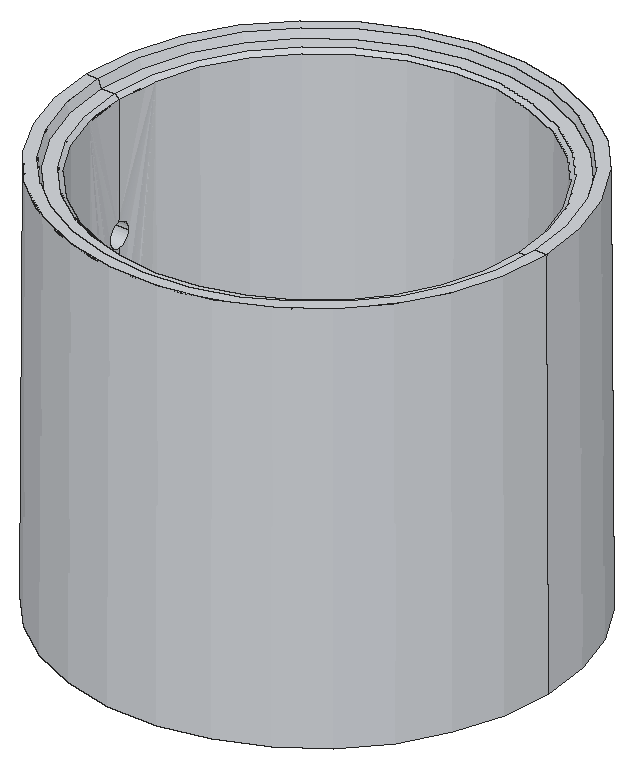
Revit family "Кольцо 1000х1010 с замком КС 10-10", category Обобщенные модели, Revit 2023
Family settings
  Может служить основой для арматурных стержней = Нет
  Размер круглого соединителя = Использовать диаметр
  Тип детали = Нормальный
  На основе рабочей плоскости = Нет
  Всегда вертикально = Да
  При загрузке вырезать с полостями = Нет
  Сохранять ориентацию аннотаций = Нет
  Общий = Нет
  Точка принадлежности помещению = Нет
Parameters (values of type "Кольцо 1000х1010 с замком КС 10.10")
  фаска = 10 mm
  толщ_на_h2_расч = (t1 - t2) / 2 * (h1 + h2) / ADSK_Размер_Высота + 10 mm  # 13.342 mm
  толщ_на_h1_расч = (t1 - t2) / 2 * h1 / ADSK_Размер_Высота + 10 mm  # 11.832 mm
  сужение_низ = 5 mm
  отступ_низ = 38 mm
  отступ_верх = 28.5 mm
  выступ = 20 mm
  вырез2 = yes
  вырез1 = yes
  Отметка по умолчанию = 0 mm
  t2 = 80 mm
  t1 = 90 mm
  h2 = 305 mm
  h1 = 370 mm
  d1 = 20 mm * tan(20.00°)  # 7.279 mm
  ADSK_Размер_Диаметр = 1000 mm
  ADSK_Размер_Высота = 1010 mm
  ADSK_Масса = 700
Reference planes
  plane 1 "По центру (Вперед/Назад)": y = 0
  plane 2: z = 0
  plane 3 "По центру (Влево/Вправо)": x = 0
  plane 4: x = 500
  plane 5: x = -500
  plane 6: y = 500
  plane 7: y = -500
  plane 8: z = 990
  plane 9: z = 1010
  plane 10: z = 20
  plane 11: x = -585
  plane 12: x = 585
  plane 13: y = 585
  plane 14: y = -585
  plane 15: y = 580
  plane 16: y = -580
  plane 17: x = -580
  plane 18: x = 580
  plane 19: x = 538
  plane 20: x = 551.5
  plane 21: x = 544.221
  plane 22: x = 545.279
  plane 23: z = 980
  plane 24: x = 510
  plane 25: z = 370
  plane 26: z = 675
  plane 27: y = 495
  plane 28: y = -495
  plane 29: x = -495
  plane 30: x = 495
  plane 31: x = -571.658
  plane 32: x = -573.168
  plane 33: x = 571.658
  plane 34: x = 573.168
Forms (mm)
  Revolve 1, solid
    sketch origin (0, 0, 0) x (1, 0, 0) y (0, 0, 1)
      loop
        line (500, 980) -> (495, 0) -> (538, 0) -> (545.279, 20) -> (585, 20) -> (580, 1010) -> (551.5, 1010) -> (544.221, 990) -> (510, 990) -> (500, 980)
      axis (0, 0) -> (0, 1010)
    angle from 0 to 360
  Extrusion 2, void, detail levels medium+fine
    sketch origin (0, 0, 0) x (0, -1, 0) y (0, 0, 1)
      loop
        circle (0, 675) r 30
    from -571.658 to 571.658
  Extrusion 3, void, detail levels medium+fine
    sketch origin (0, 0, 0) x (0, -1, 0) y (0, 0, 1)
      loop
        circle (0, 370) r 30
    from -573.168 to 573.168
Cuts and joins
  Extrusion 2, Extrusion 3 cuts Revolve 1
Dimensions and locks
  equal spacing: plane 5, plane 3 "По центру (Влево/Вправо)", plane 4
  equal spacing: plane 7, plane 1 "По центру (Вперед/Назад)", plane 6
  "ADSK_Размер_Диаметр": plane 5 to plane 4
  "ADSK_Размер_Диаметр": plane 7 to plane 6
  "выступ": plane 9 to plane 8
  "выступ": plane 10 to level
  "t1": plane 11 to plane 29
  "t1": plane 30 to plane 12
  "t2": plane 6 to plane 15
  "t2": plane 16 to plane 7
  "t2": plane 17 to plane 5
  "t2": plane 4 to plane 18
  "отступ_низ": plane 19 to plane 4
  "отступ_верх": plane 18 to plane 20
  "d1": plane 20 to plane 21
  "d1": plane 22 to plane 19
  "фаска": plane 8 to plane 23
  "фаска": plane 24 to plane 4
  "h1": plane 25 to level
  "h2": plane 26 to plane 25
  "ADSK_Размер_Высота": plane 9 to level
  "сужение_низ": plane 5 to plane 29
  "сужение_низ": plane 30 to plane 4
  "сужение_низ": plane 27 to plane 6
  "сужение_низ": plane 7 to plane 28
  "t1": plane 14 to plane 28
  "t1": plane 27 to plane 13
  "толщ_на_h2_расч": plane 31 to plane 11
  "толщ_на_h1_расч": plane 32 to plane 11
  "толщ_на_h2_расч": plane 12 to plane 33
  "толщ_на_h1_расч": plane 12 to plane 34
  aligned and locked: level to plane 2
  aligned and locked: Revolve 1 sketch curve to plane 8
  aligned and locked: Revolve 1 sketch curve to plane 9
  aligned and locked: plane 10 to Revolve 1 sketch curve
  aligned and locked: Revolve 1 sketch curve to level
  aligned and locked: Extrusion 2 to plane 31
  aligned and locked: Extrusion 3 to plane 32
  aligned and locked: plane 33 to Extrusion 2
  aligned and locked: plane 34 to Extrusion 3
Automatic sketch dimensions
  Revolve 1 sketch curve to level = 0 mm
  Revolve 1 sketch curve to plane 3 "По центру (Влево/Вправо)" = 0 mm
  Revolve 1 sketch curve to plane 30 = 0 mm
  Revolve 1 sketch curve to plane 4 = 0 mm
  Revolve 1 sketch curve to plane 24 = 0 mm
  Revolve 1 sketch curve to plane 19 = 0 mm
  Revolve 1 sketch curve to plane 22 = 0 mm
  Revolve 1 sketch curve to plane 21 = 0 mm
  Revolve 1 sketch curve to plane 20 = 0 mm
  Revolve 1 sketch curve to plane 18 = 0 mm
  Revolve 1 sketch curve to plane 12 = 0 mm
  Revolve 1 sketch curve to plane 23 = 0 mm
  Revolve 1 sketch curve to plane 9 = 0 mm
  Extrusion 2 sketch curve to plane 1 "По центру (Вперед/Назад)" = 0 mm
  Extrusion 2 sketch curve to plane 26 = 0 mm
  Extrusion 3 sketch curve to plane 1 "По центру (Вперед/Назад)" = 0 mm
  Extrusion 3 sketch curve to plane 25 = 0 mm
  radius of Extrusion 2 sketch curve = 30 mm
  radius of Extrusion 3 sketch curve = 30 mm
